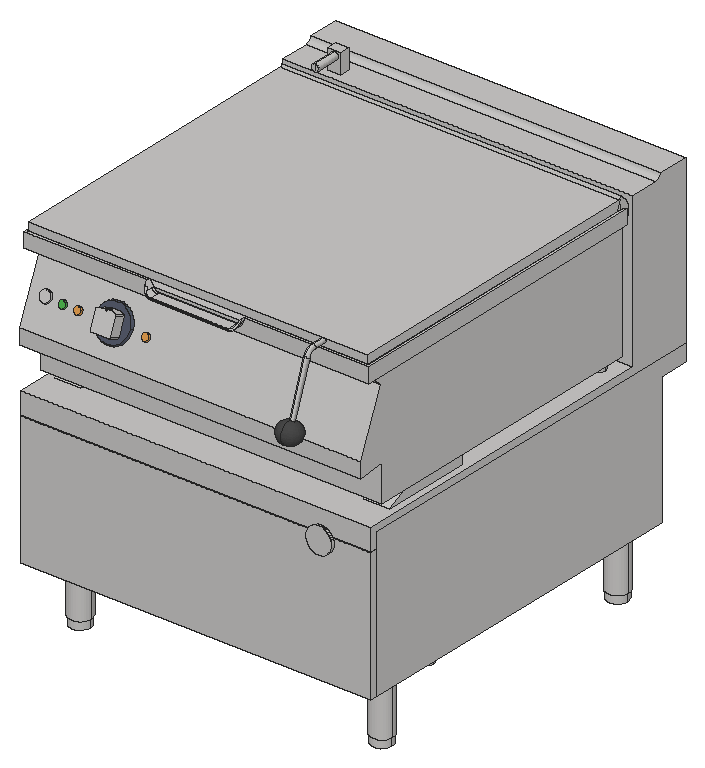
Revit family "QF_ZANUSSI_392424_Z9PPBSBAMED", category Specialty Equipment, Revit 2018
Family settings
  Round Connector Dimension = Use Diameter
  Part Type = Normal
  Work Plane-Based = No
  Always vertical = Yes
  Cut with Voids When Loaded = No
  Shared = No
  Room Calculation Point = No
Parameters (values of type "Standard")
  Weight = 150.00 kg
  Watts = 0 W
  Volts = 230 V
  URL Manufacturer = "http://www.zanussiprofessional.com"
  URL = "http://www.zanussiprofessional.com"
  Steam Supply Size = 0"
  Steam Supply Minimum Pressure = 0.00 psi
  Steam Supply Maximum Pressure = 0.00 psi
  Steam Pounds per Hour = 0
  Show Logo [instance] = yes
  Show Clearance [instance] = yes
  Refrigeration Suction Line Size = 0"
  Refrigeration Liquid Line Size = 0"
  Refrigerant Compressor Remote = yes
  Phase = 1
  Model = "Z9PPBSBAMED"
  Manufacturer = "Zanussi"
  Length Actual = 800 mm  # constant formula
  Item Number = "392424"
  Hot Water Size = 0"
  Height Actual = 850 mm  # constant formula
  HP = "0.3 HP"
  Gas Size = 1/2"
  Gas KW = 21
  Gas Input Pressure = 0.703736 Btu/h
  Direct Waste Size = 0"
  Description = "80LT GAS BRATT PAN DUOMAT BOTTOM AUT (AUS)"
  Depth Actual = 900 mm  # constant formula
  Cycle = 60 Hz
  Condensate Return Size = 0"
  Compressed Air Volume = 0 GPM
  Compressed Air Size = 0"
  Compressed Air Pressure = 0.00 psi
  Cold Water Size = 3/4"
  Assembly Code = ""
  Accessory = yes
Reference planes
  plane 1 "BACK": y = 0
  plane 2: z = 0
  plane 3 "LEFT": x = 0
  plane 4 "RIGHT": x = 800
  plane 5 "FRONT": y = -915
  plane 6 "TOP": z = 898
  plane 7 "Center Y": x = 400
  plane 8 "Center X": y = -457.5
  plane 9 "Base": z = 149
  plane 10: z = 502.193
  plane 11: z = 1653
  plane 12: y = -125
  plane 13: y = -799
  plane 14: x = 55
  plane 15: y = -160.853
  plane 16: x = 745
  plane 17: y = -1014
  plane 18: y = -899.182
  plane 19: x = 786
  plane 20: z = 850
  plane 21 "Connection": z = 182
  plane 22: y = -706
  plane 23: x = 265
  plane 24: x = 105
  plane 25: x = 195
Forms (mm)
  Revolve 1, solid, material "QF_Finishes_Stainless Steel"
    sketch origin (0, -125, 0) x (1, 0, 0) y (0, 0, 1)
      loop
        line (55, 0) -> (55, 149) -> (29.6, 149) -> (29.6, 19.05) -> (32.1, 19.05) -> (32.1, 0) -> (55, 0)
      axis (55, 0) -> (55, 149)
    angle from 0 to 360
  Revolve 2, solid, material "QF_Finishes_Stainless Steel"
    sketch origin (0, -799, 0) x (1, 0, 0) y (0, 0, 1)
      loop
        line (55, 0) -> (55, 149) -> (29.6, 149) -> (29.6, 19.05) -> (32.1, 19.05) -> (32.1, 0) -> (55, 0)
      axis (55, 0) -> (55, 149)
    angle from 0 to 360
  Extrusion 3, solid, material "QF_Finishes_Stainless Steel"
    sketch origin (0, -214.682, 0) x (0, 1, 0) y (0, 0, 1)
      loop
        line (214.682, 487.193) -> (214.682, 866.248) -> (143.055, 866.248)
        arc (143.055, 866.248) -> (139.432, 857.502) -> (130.686, 853.88) r 12.368
        line (130.686, 853.88) -> (64.682, 853.88) -> (64.682, 502.193) -> (-684.5, 502.193) -> (-684.5, 452.193) -> (-669.5, 452.193) -> (-669.5, 487.193) -> (214.682, 487.193)
      loop
        line (-669.5, 149) -> (-669.5, 451.193) -> (-684.5, 451.193) -> (-684.5, 149) -> (-669.5, 149)
    from 0 to 800
  Extrusion 4, solid, material "QF_Finishes_Stainless Steel"
    sketch origin (0, -214.682, 0) x (0, 1, 0) y (0, 0, 1)
      loop
        line (44.029, 528.406) -> (44.029, 817.127) -> (-678.5, 817.127) -> (-678.5, 809.681) -> (-643.264, 774.446) -> (-700.318, 641.094) -> (-700.318, 606.094) -> (-640.765, 613.406) -> (-640.765, 528.406) -> (44.029, 528.406)
    from 10 to 790
  Sweep 5, solid, material "QF_Finishes_Stainless Steel"
    path origin (0, -204.882, 145) x (-1, 0, 0) y (0, -1, 0)
      loop
        line (-290, 694.3) -> (-5, 694.3) -> (-5, -44.029) -> (-795, -44.029) -> (-795, 694.3) -> (-510, 694.3)
    profile origin (652.5, -899.182, 145) x (0, -1, 0) y (0, 0, 1)
      loop
        line (-5, 651.359) -> (0, 651.359) -> (0, 685.301) -> (-6, 685.301) -> (-6, 681.062) -> (-5, 681.062) -> (-5, 651.359)
  Extrusion 6, solid, material "QF_Finishes_Stainless Steel"
    sketch origin (0, -214.682, -5) x (0, 1, 0) y (0, 0, 1)
      loop
        line (33.715, 835.301) -> (42.572, 855) -> (-677.138, 855) -> (-677.138, 835.301) -> (33.715, 835.301)
      loop
        arc (64.305, 837.022) -> (57.071, 850.749) -> (45.92, 861.539) r 49.182
        line (45.92, 861.539) -> (39.069, 846.301) -> (45.904, 846.301) -> (45.904, 832.604) -> (64.305, 814.204) -> (64.305, 837.022)
    from 12.363 to 787.637
  Extrusion 7, solid, material "QF_Finishes_Stainless Steel"
    sketch origin (0, -214.682, 0) x (0, 1, 0) y (0, 0, 1)
      loop
        line (-403.818, 528.406) -> (-556.057, 528.406) -> (-609.801, 502.193) -> (-403.818, 502.193) -> (-403.818, 528.406)
    from 16.63 to 76.513
  Extrusion 8, solid, material "QF_Finishes_Stainless Steel"
    sketch origin (0, -207.182, 150) x (-1, 0, 0) y (0, -1, 0)
      loop
        circle (-46.571, -17.496) r 15
      loop
        circle (-753.429, -17.496) r 15
    from 352.193 to 383.406
  Extrusion 9, solid, material "QF_Finishes_Stainless Steel"
    sketch origin (0, -64.682, 0) x (0, 1, 0) y (0, 0, 1)
      loop
        line (-43.387, 853.88) -> (-43.387, 898) -> (-67.444, 898) -> (-67.444, 853.88) -> (-43.387, 853.88)
    from 87.469 to 116.843
  Revolve 10, solid, material "QF_Finishes_Stainless Steel"
    sketch origin (103.25, -64.682, 0) x (0, 1, 0) y (0, 0, 1)
      loop
        line (-67.444, 888.097) -> (-67.444, 896.222) -> (-123.629, 896.222) -> (-123.629, 888.097) -> (-67.444, 888.097)
      axis (-123.629, 888.097) -> (-67.444, 888.097)
    angle from 0 to 360
  Extrusion 11, solid, material "QF_Clearances", visible <- "Show Clearance", detail levels coarse
    sketch origin (0, -214.682, 0) x (1, 0, 0) y (0, 1, 0)
      loop
        line (800, 214.682) -> (800, -700.318) -> (850, -700.318) -> (850, 264.682) -> (-50, 264.682) -> (-50, -700.318) -> (0, -700.318) -> (0, 214.682) -> (800, 214.682)
    from 0 to 898
  Extrusion 12, solid, material "QF_Finishes_Stainless Steel"
    sketch origin (800, 0, 0) x (0, 1, 0) y (0, 0, 1)
      loop
        line (-884.182, 149) -> (-69, 149) -> (-69, 448) -> (0, 448) -> (0, 487.193) -> (-884.182, 487.193) -> (-884.182, 149)
    from 0 to -800
  Revolve 13, solid, material "QF_Finishes_Stainless Steel"
    sketch origin (1000, -125, 0) x (-1, 0, 0) y (0, 0, -1)
      loop
        line (255, 0) -> (232.1, 0) -> (232.1, -19.05) -> (229.6, -19.05) -> (229.6, -149) -> (255, -149) -> (255, 0)
      axis (255, 0) -> (255, -149)
    angle from 0 to 360
  Revolve 14, solid, material "QF_Finishes_Stainless Steel"
    sketch origin (1000, -799, 0) x (-1, 0, 0) y (0, 0, -1)
      loop
        line (255, 0) -> (232.1, 0) -> (232.1, -19.05) -> (229.6, -19.05) -> (229.6, -149) -> (255, -149) -> (255, 0)
      axis (255, 0) -> (255, -149)
    angle from 0 to 360
  Sweep 15, solid, material "QF_Finishes_Stainless Steel"
    path origin (8.84, -214.682, -10) x (0, 1, 0) y (0, 0, 1)
      loop
        line (-677.138, 852.831) -> (-705.492, 852.831)
        arc (-705.492, 852.831) -> (-716.963, 849.214) -> (-724.286, 839.672) r 20
        line (-724.286, 839.672) -> (-765.322, 726.924)
    profile origin (8.84, -905.997, 842.831) x (0, 0, -1) y (1, 0, 0)
      loop
        circle (0, 676.16) r 5
  Revolve 16, solid, material "QF_Finishes_Black"
    sketch origin (685, -194.682, 0) x (0, 1, 0) y (0, 0, 1)
      loop
        line (-785.322, 716.924) -> (-792.738, 719.623)
        arc (-792.738, 719.623) -> (-818.978, 701.075) -> (-800.713, 674.638) r 22.845
        line (-800.713, 674.638) -> (-785.322, 716.924)
      axis (-785.322, 716.924) -> (-800.713, 674.638)
    angle from 0 to 360
  Extrusion 17, solid, material "QF_Finishes_Stainless Steel"
    sketch origin (800, -69, 149) x (-1, 0, 0) y (0, 1, 0)
      loop
        circle (14, -649.182) r 12.7
    from 0 to 5
  Extrusion 18, solid, material "QF_Finishes_Stainless Steel"
    sketch origin (-3.75, -899.182, 149) x (0, 0, 1) y (-1, 0, 0)
      loop
        circle (289.443, -688.75) r 30
    from 0 to 5
  Extrusion 19, solid, material "QF_Finishes_Stainless Steel"
    sketch origin (800, -214.682, 0) x (0, 1, 0) y (0, 0, -1)
      loop
        line (-403.818, -528.406) -> (-403.818, -502.193) -> (-609.801, -502.193) -> (-556.057, -528.406) -> (-403.818, -528.406)
    from 16.63 to 76.513
  Extrusion 20, solid, material "QF_Finishes_Stainless Steel"
    sketch origin (0, 0, 182) x (-1, 0, 0) y (0, -1, 0)
      loop
        circle (-105, 706) r 6.35
    from 0 to 45
  Extrusion 21, solid, material "QF_Finishes_Stainless Steel"
    sketch origin (21.213, 21.213, 182) x (-1, 0, 0) y (0, -1, 0)
      loop
        circle (-173.787, 719.213) r 6.35
    from 0 to 45
  Extrusion 22, solid, material "QF_Finishes_Stainless Steel"
    sketch origin (130, 0, 182) x (-1, 0, 0) y (0, -1, 0)
      loop
        circle (-135, 706) r 6.35
    from 0 to 45
  Extrusion 23, solid, material "QF_Finishes_Stainless Steel"
    sketch origin (0, -201.682, -15.905) x (1, 0, 0) y (0, 0, 1)
      loop
        line (509.996, 839.805) -> (509.996, 846.205) -> (502.677, 833.527)
        arc (502.677, 833.527) -> (496.674, 827.524) -> (488.474, 825.327) r 16.4
        line (488.474, 825.327) -> (311.526, 825.327)
        arc (311.526, 825.327) -> (303.32, 827.526) -> (297.312, 833.534) r 16.413
        line (297.312, 833.534) -> (289.996, 846.205) -> (289.996, 839.805) -> (294.541, 831.934)
        arc (294.541, 831.934) -> (301.72, 824.755) -> (311.526, 822.127) r 19.613
        line (311.526, 822.127) -> (488.474, 822.127)
        arc (488.474, 822.127) -> (498.274, 824.753) -> (505.448, 831.927) r 19.6
        line (505.448, 831.927) -> (509.996, 839.805)
    from 697.5 to 717.595
  Extrusion 24, void
    sketch origin (900, 188.397, 1219.2) x (0, -1, 0) y (0, 0, 1)
      loop
        line (1110.167, -415.736) -> (1110.167, -387.945) -> (1093.05, -387.945) -> (1110.167, -415.736)
    from 390 to 610
  Extrusion 25, solid, material "QF_Finishes_Orange"
    sketch origin (9.372, -901.482, 672.689) x (0, 0.393353, 0.919387) y (-1, 0, 0)
      loop
        circle (34.513, -113.251) r 8
    from 0 to 3.175
  Extrusion 26, solid, material "QF_Finishes_Green"
    sketch origin (14.068, -901.51, 672.624) x (0, 0.393353, 0.919387) y (-1, 0, 0)
      loop
        circle (34.513, -73.251) r 8
    from 0 to 3.175
  Extrusion 27, solid, material "QF_Finishes_Stainless Steel"
    sketch origin (10.937, -915, 641.094) x (0, 0.393353, 0.919387) y (-1, 0, 0)
      loop
        circle (71.473, -36.635) r 12.7
    from 0 to 3.2
  Extrusion 28, solid, material "QF_Finishes_Orange"
    sketch origin (164.372, -901.482, 672.689) x (0, 0.393353, 0.919387) y (-1, 0, 0)
      loop
        circle (34.513, -113.251) r 8
    from 0 to 3.175
  Extrusion 29, solid, material "QF_Clearances", visible <- "Show Clearance", detail levels coarse
    sketch origin (0, -996.643, 709.193) x (0, 0.238373, -0.971174) y (0, 0.971174, 0.238373)
      loop
        line (33.715, 835.301) -> (42.572, 855) -> (-677.138, 855) -> (-677.138, 835.301) -> (33.715, 835.301)
      loop
        arc (64.305, 837.022) -> (57.071, 850.749) -> (45.92, 861.539) r 49.182
        line (45.92, 861.539) -> (39.069, 846.301) -> (45.904, 846.301) -> (45.904, 832.604) -> (64.305, 814.204) -> (64.305, 837.022)
    from 12.363 to 787.637
  Sweep 30, solid, material "QF_Clearances", visible <- "Show Clearance", detail levels coarse
    path origin (8.84, -1001.499, 708.002) x (0, 0.238373, -0.971174) y (0, 0.971174, 0.238373)
      loop
        line (-677.138, 852.831) -> (-705.492, 852.831)
        arc (-705.492, 852.831) -> (-716.963, 849.214) -> (-724.286, 839.672) r 20
        line (-724.286, 839.672) -> (-765.322, 726.924)
    profile origin (8.84, -338.043, 1582.68) x (0, -0.971174, -0.238373) y (1, 0, 0)
      loop
        circle (0, 676.16) r 5
  Revolve 31, solid, material "QF_Clearances", visible <- "Show Clearance", detail levels coarse
    sketch origin (685, -987.02, 690.962) x (0, 0.238373, -0.971174) y (0, 0.971174, 0.238373)
      loop
        line (-785.322, 716.924) -> (-792.738, 719.623)
        arc (-792.738, 719.623) -> (-818.978, 701.075) -> (-800.713, 674.638) r 22.845
        line (-800.713, 674.638) -> (-785.322, 716.924)
      axis (-785.322, 716.924) -> (-800.713, 674.638)
    angle from 0 to 360
  Extrusion 32, solid, material "QF_Finishes_Stainless Steel"
    sketch origin (290, -899.182, 830.301) x (-1, 0, 0) y (0, 0, -1)
      loop
        line (0.004, 33.941) -> (-220, 33.941) -> (-220, -0.006) -> (-212.677, 12.678)
        arc (-212.677, 12.678) -> (-206.674, 18.681) -> (-198.474, 20.878) r 16.4
        line (-198.474, 20.878) -> (-21.526, 20.878)
        arc (-21.526, 20.878) -> (-13.32, 18.679) -> (-7.312, 12.672) r 16.413
        line (-7.312, 12.672) -> (0.004, 0) -> (0.004, 33.941)
    from 0 to -6
  Extrusion 33, solid, material "QF_Plastic-Black-Matte"
    sketch origin (145.417, -886.886, 706.805) x (0, 0.393353, 0.919387) y (0, 0.919387, -0.393353)
      loop
        line (26.984, -34) -> (23.984, -34) -> (23.984, -35) -> (26.984, -35)
        arc (26.984, -35) -> (27.691, -34.707) -> (27.984, -34) r 1
        line (27.984, -34) -> (27.984, -19) -> (26.984, -19) -> (26.984, -34)
    from -58.5 to -56.5
  Extrusion 34, solid, material "QF_Finishes_Stainless Steel"
    sketch origin (202.917, -886.886, 706.805) x (-1, 0, 0) y (0, -0.393353, -0.919387)
      loop
        line (17.5, -17.5) -> (17.5, 17.5) -> (-17.5, 17.5) -> (-17.5, -17.5) -> (17.5, -17.5)
    from 5 to 10
  Extrusion 35, solid, material "QF_Finishes_Stainless Steel"
    sketch origin (202.917, -886.886, 706.805) x (-1, 0, 0) y (0, -0.393353, -0.919387)
      loop
        arc (-21.147, -22.789) -> (0, -26.984) -> (21.147, -22.789) r 55.4
        arc (21.147, -22.789) -> (22.494, -21.685) -> (23, -20.019) r 2.997
        line (23, -20.019) -> (23, 20.019)
        arc (23, 20.019) -> (22.122, 22.138) -> (20.003, 23.016) r 2.997
        line (20.003, 23.016) -> (-20.003, 23.016)
        arc (-20.003, 23.016) -> (-22.122, 22.138) -> (-23, 20.019) r 2.997
        line (-23, 20.019) -> (-23, -20.019)
        arc (-23, -20.019) -> (-22.494, -21.685) -> (-21.147, -22.789) r 2.997
    from 10 to 34
  Blend 36, solid, material "QF_Finishes_Navy Blue"
    base sketch origin (202.917, -886.886, 706.805) x (1, 0, 0) y (0, 0.393353, 0.919387)
      loop
        circle (0, 0) r 42.5
    top sketch origin (202.917, -886.886, 706.805) x (1, 0, 0) y (0, 0.393353, 0.919387)
      loop
        circle (0, 0) r 40.5
    from 0 to 5
Cuts and joins
  Extrusion 24 cuts Extrusion 23
  joined: Sweep 5, Extrusion 23, Extrusion 32
Lines and regions (mm)
  Split face 1
    outline origin (202.917, -891.483, 708.772) x (1, 0, 0) y (0, 0.393353, 0.919387)
      loop
        arc (-0.521, 36.501) -> (-26.491, 26.394) -> (-37.708, 0.884) r 36.411
        line (-37.708, 0.884) -> (-31.708, 0.884)
        arc (-31.708, 0.884) -> (-21.998, 23.844) -> (-0.521, 36.501) r 39.733
  Split face 2
    outline origin (202.917, -891.483, 708.772) x (1, 0, 0) y (0, 0.393353, 0.919387)
      loop
        circle (-30.633, -14.752) r 1.5
  Split face 3
    outline origin (202.917, -891.483, 708.772) x (1, 0, 0) y (0, 0.393353, 0.919387)
      loop
        circle (-21.199, -26.582) r 1.5
  Split face 4
    outline origin (202.917, -891.483, 708.772) x (1, 0, 0) y (0, 0.393353, 0.919387)
      loop
        circle (-7.566, -33.148) r 1.5
  Split face 5
    outline origin (202.917, -891.483, 708.772) x (1, 0, 0) y (0, 0.393353, 0.919387)
      loop
        circle (7.566, -33.148) r 1.5
  Split face 6
    outline origin (202.917, -891.483, 708.772) x (1, 0, 0) y (0, 0.393353, 0.919387)
      loop
        circle (21.199, -26.582) r 1.5
  Split face 7
    outline origin (202.917, -891.483, 708.772) x (1, 0, 0) y (0, 0.393353, 0.919387)
      loop
        circle (30.633, -14.752) r 1.5
  Split face 8
    outline origin (202.917, -891.483, 708.772) x (1, 0, 0) y (0, 0.393353, 0.919387)
      loop
        circle (34, 0) r 1.5
  Split face 9
    outline origin (202.917, -891.483, 708.772) x (1, 0, 0) y (0, -0.393353, -0.919387)
      loop
        circle (30.633, -14.752) r 1.5
  Split face 10
    outline origin (202.917, -891.483, 708.772) x (1, 0, 0) y (0, -0.393353, -0.919387)
      loop
        circle (21.199, -26.582) r 1.5
  symbolic lines
    curve 1: line (10, -915, 149) -> (180, -915, 149)
    curve 2: line (0, -899.182, 149) -> (280.622, -899.182, 149)
    curve 3: line (5, -160.853, 149) -> (5, -899.182, 149)
    curve 4: line (0, 0, 149) -> (0, -899.182, 149)
    curve 5: line (800, -899.182, 149) -> (800, 0, 149)
    curve 6: line (5, -160.853, 149) -> (95.125, -160.853, 149)
    curve 7: line (789, -171.653, 149) -> (111.375, -171.653, 149)
    curve 8: line (0, -71.628, 149) -> (800, -71.628, 149)
    curve 9: line (111.375, -160.853, 149) -> (795, -160.853, 149)
    curve 10: line (95.125, -172.111, 149) -> (12.363, -172.111, 149)
    curve 11: line (90.942, -172.111, 149) -> (90.942, -192.672, 149)
    curve 12: line (117.192, -171.653, 149) -> (117.192, -192.672, 149)
    curve 13: arc (90.942, -192.672, 149) -> (104.067, -205.797, 149) -> (117.192, -192.672, 149) r 13.125
    curve 14: line (504.543, -915, 149) -> (680, -915, 149)
    curve 15: line (12.363, -891.82, 149) -> (787.637, -891.82, 149)
    curve 16: line (0, 0, 149) -> (800, 0, 149)
    curve 20: line (680, -980.005, 149) -> (680, -891.82, 149)
    curve 21: line (690, -980.005, 149) -> (690, -891.82, 149)
    curve 22: spline (685, -987.42, 149) -> (686.603, -987.265, 149) -> (688.14, -986.808, 149) -> (689.545, -986.066, 149) -> (690.761, -985.072, 149) -> (691.737, -983.866, 149) -> (692.431, -982.499, 149) -> (692.815, -981.028, 149) -> (692.874, -979.515, 149) -> (692.604, -978.022, 149) -> (692.016, -976.611, 149) -> (691.136, -975.342, 149) -> (690, -974.268, 149)
    curve 23: spline (690, -980.005, 149) -> (689.957, -980.618, 149) -> (689.83, -981.221, 149) -> (689.619, -981.803, 149) -> (689.33, -982.354, 149) -> (688.967, -982.865, 149) -> (688.536, -983.327, 149) -> (688.044, -983.732, 149) -> (687.5, -984.074, 149) -> (686.913, -984.345, 149) -> (686.294, -984.543, 149) -> (685.653, -984.663, 149) -> (685, -984.703, 149)
    curve 24: spline (685, -984.703, 149) -> (684.347, -984.663, 149) -> (683.706, -984.543, 149) -> (683.087, -984.345, 149) -> (682.5, -984.074, 149) -> (681.956, -983.732, 149) -> (681.464, -983.327, 149) -> (681.033, -982.865, 149) -> (680.67, -982.354, 149) -> (680.381, -981.803, 149) -> (680.17, -981.221, 149) -> (680.043, -980.618, 149) -> (680, -980.005, 149)
    curve 25: spline (680, -974.268, 149) -> (678.864, -975.342, 149) -> (677.984, -976.611, 149) -> (677.396, -978.022, 149) -> (677.126, -979.515, 149) -> (677.185, -981.028, 149) -> (677.569, -982.499, 149) -> (678.263, -983.866, 149) -> (679.239, -985.072, 149) -> (680.455, -986.066, 149) -> (681.86, -986.808, 149) -> (683.397, -987.265, 149) -> (685, -987.42, 149)
    curve 26: line (95.125, -188.311, 149) -> (111.375, -188.311, 149)
    curve 27: line (95.125, -132.127, 149) -> (95.125, -188.311, 149)
    curve 28: line (111.375, -188.311, 149) -> (111.375, -132.127, 149)
    curve 29: line (87.469, -132.127, 149) -> (116.843, -132.127, 149)
    curve 30: line (87.469, -108.069, 149) -> (87.469, -132.127, 149)
    curve 31: line (116.843, -108.069, 149) -> (87.469, -108.069, 149)
    curve 32: line (116.843, -132.127, 149) -> (116.843, -108.069, 149)
    curve 33: arc (680, -961.314, 149) -> (685, -1014, 149) -> (690, -961.314, 149) r 26.58
    curve 34: line (0, -150, 182) -> (95.125, -150, 182)
    curve 35: line (800, -150, 182) -> (111.375, -150, 182)
    curve 36: line (12.363, -891.82, 149) -> (12.363, -172.111, 149)
    curve 37: line (787.637, -891.82, 149) -> (787.637, -171.653, 149)
    curve 38: line (790, -915, 182) -> (790, -899.182, 182)
    curve 39: line (10, -899.182, 182) -> (10, -915, 182)
    curve 40: line (795, -160.853, 149) -> (795, -899.182, 149)
    curve 41: line (225.917, -915, 149) -> (295.414, -915, 149)
    curve 42: line (519.371, -899.182, 182) -> (505.448, -914.035, 182)
    curve 43: spline (505.442, -914.033, 182) -> (504.902, -914.595, 182) -> (504.301, -915.14, 182) -> (503.641, -915.666, 182) -> (502.924, -916.17, 182) -> (502.153, -916.653, 182) -> (501.331, -917.111, 182) -> (500.459, -917.544, 182) -> (499.542, -917.95, 182) -> (498.582, -918.327, 182) -> (497.581, -918.675, 182) -> (496.544, -918.992, 182) -> (495.475, -919.277, 182)
    curve 44: line (304.523, -919.277, 182) -> (495.475, -919.277, 182)
    curve 45: line (294.541, -914.031, 182) -> (280.622, -899.182, 182)
    curve 46: spline (304.523, -919.277, 182) -> (303.452, -918.992, 182) -> (302.414, -918.675, 182) -> (301.413, -918.327, 182) -> (300.452, -917.949, 182) -> (299.534, -917.543, 182) -> (298.662, -917.11, 182) -> (297.838, -916.651, 182) -> (297.067, -916.168, 182) -> (296.35, -915.663, 182) -> (295.689, -915.137, 182) -> (295.087, -914.592, 182) -> (294.547, -914.029, 182)
    curve 47: line (519.371, -899.182, 149) -> (680, -899.182, 149)
    curve 48: line (690, -899.182, 149) -> (800, -899.182, 149)
    curve 49: line (690, -915, 149) -> (790, -915, 149)
    curve 50: line (179.917, -899.608, 0) -> (179.917, -925.865, 0)
    curve 51: arc (179.917, -925.865, 0) -> (180.063, -926.329, 0) -> (180.449, -926.625, 0) r 0.809
    curve 52: arc (180.449, -926.625, 0) -> (181.637, -927.106, 0) -> (182.915, -927.199, 0) r 4.127
    curve 53: arc (179.917, -910.498, 0) -> (180.419, -909.777, 0) -> (181.217, -909.408, 0) r 1.682
    curve 54: arc (181.217, -909.408, 0) -> (191.519, -907.91, 0) -> (201.917, -907.4, 0) r 109.079
    curve 55: line (201.917, -899.595, 0) -> (201.917, -909.63, 0)
    curve 56: line (201.917, -909.63, 0) -> (203.917, -909.63, 0)
    curve 57: line (203.917, -909.63, 0) -> (203.917, -899.63, 0)
    curve 58: line (225.917, -899.595, 0) -> (225.917, -925.865, 0)
    curve 59: arc (225.917, -925.865, 0) -> (225.771, -926.329, 0) -> (225.385, -926.625, 0) r 0.809
    curve 60: arc (225.385, -926.625, 0) -> (224.197, -927.106, 0) -> (222.92, -927.199, 0) r 4.127
    curve 61: arc (225.917, -910.498, 0) -> (225.415, -909.777, 0) -> (224.618, -909.408, 0) r 1.682
    curve 62: arc (224.618, -909.408, 0) -> (214.315, -907.91, 0) -> (203.917, -907.4, 0) r 109.079
    curve 63: line (182.915, -927.199, 0) -> (222.92, -927.199, 0)
    curve 64: spline (225.917, -904.595, 0) -> (227.104, -904.261, 0) -> (228.259, -903.91, 0) -> (229.381, -903.542, 0) -> (230.469, -903.159, 0) -> (231.521, -902.761, 0) -> (232.535, -902.348, 0) -> (233.512, -901.921, 0) -> (234.448, -901.481, 0) -> (235.344, -901.027, 0) -> (236.197, -900.561, 0) -> (237.007, -900.084, 0) -> (237.773, -899.595, 0)
    curve 65: spline (168.061, -899.595, 0) -> (168.827, -900.084, 0) -> (169.637, -900.561, 0) -> (170.491, -901.027, 0) -> (171.386, -901.481, 0) -> (172.323, -901.921, 0) -> (173.299, -902.348, 0) -> (174.314, -902.761, 0) -> (175.366, -903.159, 0) -> (176.453, -903.542, 0) -> (177.576, -903.91, 0) -> (178.731, -904.261, 0) -> (179.917, -904.595, 0)
  symbolic lines, style "QF_Clearances", visible <- "Show Clearance", detail levels coarse
    curve 17: line (-50, 50, 150) -> (-50, -918.182, 150)
    curve 18: line (850, 50, 150) -> (850, -915, 150)
    curve 19: line (850, 50, 150) -> (-50, 50, 150)
Dimensions and locks
  equal spacing: plane 3 "LEFT", plane 7 "Center Y", plane 4 "RIGHT"
  plane 3 "LEFT" to plane 4 "RIGHT" = 800 mm
  equal spacing: plane 5 "FRONT", plane 8 "Center X", plane 1 "BACK"
  plane 5 "FRONT" to plane 1 "BACK" = 915 mm  (x2)
  plane 9 "Base" to level = 149 mm
  plane 11 to level = 1653 mm
  plane 11 to plane 2 = 1653 mm
  plane 9 "Base" to plane 2 = 149 mm
  plane 13 to plane 12 = 674 mm
  plane 6 "TOP" to plane 2 = 898 mm
  plane 4 "RIGHT" to plane 16 to plane 14 to plane 3 "LEFT" = 55 mm, 690 mm, 55 mm
  plane 1 "BACK" to plane 17 = 1014 mm
  Extrusion 12 to plane 1 "BACK" = 69 mm
  Extrusion 6 to plane 9 "Base" = 701 mm
  plane 2 to Extrusion 12 = 448 mm
  Extrusion 3 to plane 13 = 100.182 mm
  plane 12 to Extrusion 12 = 56 mm
  plane 4 "RIGHT" to plane 19 = 14 mm
  plane 20 to plane 9 "Base" to level = 701 mm, 149 mm
  plane 1 "BACK" to Extrusion 12 = 69 mm
  Extrusion 12 to plane 12 = 56 mm
  plane 12 to plane 13 = 674 mm
  plane 13 to Extrusion 3 = 100.182 mm
  Extrusion 12 to level = 448 mm
  plane 6 "TOP" to level = 898 mm
  plane 21 "Connection" to level = 182 mm
  plane 1 "BACK" to plane 22 = 706 mm
  plane 3 "LEFT" to Extrusion 20 sketch curve = 105 mm
  Extrusion 21 sketch curve to plane 1 "BACK" = 698 mm
  plane 3 "LEFT" to Extrusion 21 sketch curve = 195 mm
  Extrusion 21 to plane 1 "BACK" = 698 mm
  plane 3 "LEFT" to Extrusion 22 sketch curve = 265 mm
  plane 3 "LEFT" to plane 24 = 105 mm
  plane 3 "LEFT" to plane 25 = 195 mm
  plane 3 "LEFT" to plane 23 = 265 mm
  Extrusion 3 to Extrusion 17 = 181 mm
  Extrusion 17 to Extrusion 3 = 181 mm
  plane 20 to level = 850 mm
  aligned and locked: level to plane 2
  aligned and locked: Extrusion 12 to plane 3 "LEFT"
Automatic sketch dimensions
  Revolve 1 sketch curve to plane 9 "Base" = 0 mm  (x2)
  Revolve 1 sketch curve to level = 0 mm
  Revolve 1 sketch curve to plane 14 = 0 mm  (x2)
  Revolve 1 sketch curve to Revolve 1 sketch curve = 22.9 mm
  Revolve 1 sketch curve to Revolve 1 sketch curve = 2.5 mm
  level to Revolve 1 sketch curve = 19.05 mm
  Revolve 1 sketch curve to plane 21 "Connection" = 13 mm
  Revolve 2 sketch curve to plane 9 "Base" = 0 mm  (x2)
  Revolve 2 sketch curve to level = 0 mm
  Revolve 2 sketch curve to plane 14 = 0 mm  (x2)
  Revolve 2 sketch curve to Revolve 2 sketch curve = 22.9 mm
  Revolve 2 sketch curve to Revolve 2 sketch curve = 2.5 mm
  level to Revolve 2 sketch curve = 19.05 mm
  Revolve 2 sketch curve to plane 21 "Connection" = 13 mm
  Extrusion 7 sketch curve to plane 10 = 0 mm
  Extrusion 7 sketch curve to plane 13 = 25.484 mm
  plane 13 to Extrusion 7 sketch curve = 28.261 mm
  plane 22 to Extrusion 7 sketch curve = 87.5 mm
  plane 10 to Extrusion 7 sketch curve = 26.213 mm
  Extrusion 8 sketch curve to plane 16 = 8.429 mm
  Extrusion 8 sketch curve to plane 14 = 8.429 mm
  Extrusion 8 sketch curve to plane 12 = 64.686 mm  (x2)
  Extrusion 9 sketch curve to plane 6 "TOP" = 0 mm
  Extrusion 9 sketch curve to plane 12 = 7.127 mm
  plane 12 to Extrusion 9 sketch curve = 16.931 mm
  plane 20 to Extrusion 9 sketch curve = 3.88 mm
  Revolve 10 sketch curve to plane 6 "TOP" = 9.903 mm
  Revolve 10 sketch curve to plane 12 = 63.311 mm
  Revolve 10 sketch curve to plane 12 = 7.127 mm
  Revolve 10 sketch curve to Revolve 10 sketch curve = 0 mm  (x2)
  plane 12 to Revolve 10 sketch curve = 1.394 mm
  Revolve 10 sketch curve to plane 6 "TOP" = 1.778 mm
  Revolve 13 sketch curve to plane 9 "Base" = 0 mm  (x2)
  Revolve 13 sketch curve to level = 0 mm
  plane 16 to Revolve 13 sketch curve = 0 mm  (x2)
  Revolve 13 sketch curve to plane 19 = 18.1 mm
  Revolve 13 sketch curve to Revolve 13 sketch curve = 2.5 mm
  Revolve 13 sketch curve to plane 21 "Connection" = 13 mm
  level to Revolve 13 sketch curve = 19.05 mm
  Revolve 14 sketch curve to plane 9 "Base" = 0 mm  (x2)
  Revolve 14 sketch curve to level = 0 mm
  plane 16 to Revolve 14 sketch curve = 0 mm  (x2)
  Revolve 14 sketch curve to plane 19 = 18.1 mm
  Revolve 14 sketch curve to Revolve 14 sketch curve = 2.5 mm
  Revolve 14 sketch curve to plane 21 "Connection" = 13 mm
  level to Revolve 14 sketch curve = 19.05 mm
  plane 17 to Revolve 16 sketch curve = 18.604 mm
  Revolve 16 sketch curve to Revolve 16 sketch curve = 0 mm  (x4)
  plane 17 to Revolve 16 sketch curve = 22.834 mm
  Revolve 16 sketch curve to Revolve 16 sketch curve = 3.746 mm
  Revolve 16 sketch curve to Revolve 16 sketch curve = 7.415 mm
  plane 10 to Revolve 16 sketch curve = 172.444 mm
  Revolve 16 sketch curve to Revolve 16 sketch curve = 22.45 mm
  plane 10 to Extrusion 19 sketch curve = 0 mm
  Extrusion 19 sketch curve to plane 13 = 25.484 mm
  plane 13 to Extrusion 19 sketch curve = 28.261 mm
  plane 22 to Extrusion 19 sketch curve = 87.5 mm
  plane 10 to Extrusion 19 sketch curve = 26.213 mm
  Extrusion 23 sketch curve to Extrusion 23 sketch curve = 0 mm  (x4)
  Extrusion 23 sketch curve to plane 23 = 24.996 mm
  Extrusion 23 sketch curve to Extrusion 23 sketch curve = 4.545 mm
  Extrusion 23 sketch curve to Extrusion 23 sketch curve = 2.771 mm  (x2)
  Extrusion 23 sketch curve to Extrusion 23 sketch curve = 14.214 mm
  Extrusion 23 sketch curve to plane 20 = 40.578 mm
  plane 7 "Center Y" to Extrusion 23 sketch curve = 88.474 mm
  Extrusion 23 sketch curve to plane 20 = 32.378 mm
  Extrusion 23 sketch curve to Extrusion 23 sketch curve = 14.203 mm
  Extrusion 23 sketch curve to plane 20 = 33.978 mm
  Extrusion 23 sketch curve to plane 20 = 19.699 mm
  Extrusion 23 sketch curve to Extrusion 23 sketch curve = 7.32 mm
  Extrusion 23 sketch curve to Extrusion 23 sketch curve = 6.606 mm
  Extrusion 23 sketch curve to Extrusion 23 sketch curve = 6.4 mm  (x2)
  Extrusion 23 sketch curve to Extrusion 23 sketch curve = 7.872 mm
  Extrusion 25 sketch curve to plane 24 = 17.623 mm
  plane 24 to Extrusion 26 sketch curve = 17.681 mm
  Extrusion 27 sketch curve to plane 14 = 7.427 mm
  Extrusion 28 sketch curve to plane 23 = 12.623 mm
  Extrusion 29 sketch curve to plane 11 = 87.075 mm
  plane 8 "Center X" to Extrusion 29 sketch curve = 110.667 mm
  Extrusion 29 sketch curve to Extrusion 29 sketch curve = 694.86 mm
  Extrusion 29 sketch curve to Extrusion 29 sketch curve = 15.993 mm
  Extrusion 29 sketch curve to Extrusion 29 sketch curve = 5.354 mm
  Extrusion 29 sketch curve to Extrusion 29 sketch curve = 3.503 mm
  Extrusion 29 sketch curve to Extrusion 29 sketch curve = 12.189 mm
  Extrusion 29 sketch curve to Extrusion 29 sketch curve = 3.348 mm
  Extrusion 29 sketch curve to Extrusion 29 sketch curve = 18.4 mm  (x2)
  Extrusion 29 sketch curve to Extrusion 29 sketch curve = 2.697 mm
  Extrusion 29 sketch curve to Extrusion 29 sketch curve = 14.057 mm
  Extrusion 29 sketch curve to Extrusion 29 sketch curve = 4.418 mm
  Extrusion 29 sketch curve to Extrusion 29 sketch curve = 11 mm
  Extrusion 29 sketch curve to Extrusion 29 sketch curve = 6.539 mm
  Sweep 30 sketch curve to plane 8 "Center X" = 20.462 mm
  Sweep 30 sketch curve to plane 11 = 28.458 mm
  Sweep 30 sketch curve to Sweep 30 sketch curve = 41.037 mm
  Sweep 30 sketch curve to Sweep 30 sketch curve = 18.794 mm
  Sweep 30 sketch curve to Sweep 30 sketch curve = 28.354 mm
  Sweep 30 sketch curve to Sweep 30 sketch curve = 105.908 mm
  Sweep 30 sketch curve to Sweep 30 sketch curve = 6.84 mm
  Sweep 30 sketch curve to profile plane = 0 mm
  profile plane to Sweep 30 sketch curve = 676.16 mm
  Revolve 31 sketch curve to plane 11 = 23.591 mm
  Revolve 31 sketch curve to plane 8 "Center X" = 65.198 mm
  Revolve 31 sketch curve to Revolve 31 sketch curve = 0 mm  (x4)
  Revolve 31 sketch curve to Revolve 31 sketch curve = 4.229 mm
  Revolve 31 sketch curve to Revolve 31 sketch curve = 3.746 mm
  Revolve 31 sketch curve to Revolve 31 sketch curve = 7.415 mm
  Revolve 31 sketch curve to Revolve 31 sketch curve = 22.45 mm
  Extrusion 32 sketch curve to plane 20 = 53.641 mm
  plane 7 "Center Y" to Extrusion 32 sketch curve = 110 mm
  Extrusion 32 sketch curve to plane 20 = 32.378 mm
  Extrusion 32 sketch curve to Extrusion 32 sketch curve = 7.323 mm
  Extrusion 32 sketch curve to Extrusion 32 sketch curve = 14.203 mm
  Extrusion 32 sketch curve to plane 23 = 46.526 mm
  Extrusion 32 sketch curve to Extrusion 32 sketch curve = 14.214 mm
  Extrusion 32 sketch curve to Extrusion 32 sketch curve = 7.316 mm
  Extrusion 32 sketch curve to Extrusion 32 sketch curve = 21.27 mm
  Extrusion 32 sketch curve to Extrusion 32 sketch curve = 8.2 mm
  Extrusion 32 sketch curve to Extrusion 32 sketch curve = 12.672 mm
  Extrusion 32 sketch curve to Extrusion 32 sketch curve = 12.685 mm
  Split face 1 sketch curve to Split face 1 sketch curve = 6 mm
  Split face 1 sketch curve to Split face 1 sketch curve = 30.402 mm
  Split face 1 sketch curve to Split face 1 sketch curve = 9.201 mm
  Split face 1 sketch curve to Split face 1 sketch curve = 2.43 mm
  Split face 1 sketch curve to Split face 1 sketch curve = 0.785 mm
  Extrusion 34 sketch curve to plane 25 = 25.417 mm
  plane 25 to Extrusion 34 sketch curve = 9.583 mm
  Extrusion 34 sketch curve to Extrusion 34 sketch curve = 35 mm
  Extrusion 35 sketch curve to plane 25 = 30.917 mm
  Extrusion 35 sketch curve to Extrusion 35 sketch curve = 2.997 mm  (x3)
  Extrusion 35 sketch curve to plane 25 = 7.917 mm
  plane 25 to Extrusion 35 sketch curve = 12.085 mm  (x2)
  Extrusion 35 sketch curve to Extrusion 35 sketch curve = 0 mm  (x2)
  Extrusion 35 sketch curve to Extrusion 35 sketch curve = 40.037 mm
  Extrusion 35 sketch curve to Extrusion 35 sketch curve = 5.399 mm
  Blend 36 sketch curve to plane 25 = 7.917 mm  (x2)
  plane 5 "FRONT" to curve 18 = 0 mm
  plane 4 "RIGHT" to curve 18 = 50 mm
  curve 19 to plane 3 "LEFT" = 50 mm
  curve 17 to plane 1 "BACK" = 50 mm
  plane 5 "FRONT" to curve 17 = 3.182 mm
  Extrusion 3 sketch curve to plane 10 = 0 mm
  Extrusion 3 sketch curve to plane 9 "Base" = 0 mm
  Extrusion 3 sketch curve to plane 1 "BACK" = 0 mm
  plane 20 to Extrusion 3 sketch curve = 16.248 mm
  plane 12 to Extrusion 3 sketch curve = 53.372 mm
  Extrusion 3 sketch curve to Extrusion 3 sketch curve = 12.368 mm
  Extrusion 3 sketch curve to plane 12 = 25 mm
  Extrusion 3 sketch curve to plane 5 "FRONT" = 30.818 mm  (x2)
  Extrusion 3 sketch curve to plane 10 = 15 mm
  Extrusion 3 sketch curve to Extrusion 3 sketch curve = 15 mm
  Extrusion 3 sketch curve to plane 5 "FRONT" = 15.818 mm
  Extrusion 3 sketch curve to Extrusion 3 sketch curve = 36 mm
  Extrusion 3 sketch curve to Extrusion 3 sketch curve = 1 mm
  Extrusion 4 sketch curve to plane 5 "FRONT" = 0 mm
  Extrusion 4 sketch curve to plane 5 "FRONT" = 21.818 mm
  Extrusion 4 sketch curve to Extrusion 4 sketch curve = 35.236 mm
  plane 10 to Extrusion 4 sketch curve = 26.213 mm
  Extrusion 4 sketch curve to plane 13 = 56.447 mm
  Extrusion 4 sketch curve to plane 12 = 45.653 mm
  Extrusion 4 sketch curve to Extrusion 4 sketch curve = 77.688 mm
  Extrusion 4 sketch curve to Extrusion 4 sketch curve = 7.312 mm
  Extrusion 4 sketch curve to Extrusion 4 sketch curve = 35 mm
  Extrusion 4 sketch curve to plane 20 = 75.554 mm
  Extrusion 4 sketch curve to plane 20 = 40.319 mm
  Extrusion 4 sketch curve to plane 20 = 32.873 mm
  plane 15 to Sweep 5 sketch curve = 0 mm
  Sweep 5 sketch curve to plane 4 "RIGHT" = 5 mm
  plane 3 "LEFT" to Sweep 5 sketch curve = 5 mm
  Sweep 5 sketch curve to plane 5 "FRONT" = 15.818 mm  (x2)
  plane 7 "Center Y" to Sweep 5 sketch curve = 110 mm
  Sweep 5 sketch curve to plane 23 = 25 mm
  Sweep 5 sketch curve to profile plane = 0 mm
  profile plane to Sweep 5 sketch curve = 5 mm
  Sweep 5 sketch curve to Sweep 5 sketch curve = 1 mm
  profile plane to Sweep 5 sketch curve = 651.359 mm
  Sweep 5 sketch curve to Sweep 5 sketch curve = 29.703 mm
  Sweep 5 sketch curve to Sweep 5 sketch curve = 4.238 mm
  Extrusion 6 sketch curve to plane 20 = 0 mm
  Extrusion 6 sketch curve to plane 5 "FRONT" = 23.18 mm
  Extrusion 6 sketch curve to plane 20 = 33.757 mm
  Extrusion 6 sketch curve to plane 12 = 71.96 mm
  Extrusion 6 sketch curve to plane 20 = 19.699 mm
  Extrusion 6 sketch curve to Extrusion 6 sketch curve = 15.993 mm
  Extrusion 6 sketch curve to plane 20 = 8.699 mm
  Extrusion 6 sketch curve to Extrusion 6 sketch curve = 5.354 mm
  Extrusion 6 sketch curve to Extrusion 6 sketch curve = 3.503 mm
  Extrusion 6 sketch curve to Extrusion 6 sketch curve = 12.189 mm
  plane 20 to Extrusion 6 sketch curve = 6.539 mm
  Extrusion 6 sketch curve to Extrusion 6 sketch curve = 3.348 mm
  Extrusion 6 sketch curve to plane 20 = 17.978 mm
  Extrusion 6 sketch curve to Extrusion 6 sketch curve = 22.819 mm
  Extrusion 6 sketch curve to Extrusion 6 sketch curve = 2.697 mm
  plane 5 "FRONT" to Extrusion 11 sketch curve = 0 mm  (x2)
  Extrusion 11 sketch curve to plane 3 "LEFT" = 0 mm
  plane 1 "BACK" to Extrusion 11 sketch curve = 0 mm
  Extrusion 11 sketch curve to plane 4 "RIGHT" = 0 mm
  Extrusion 11 sketch curve to plane 3 "LEFT" = 50 mm
  plane 4 "RIGHT" to Extrusion 11 sketch curve = 50 mm
  Extrusion 11 sketch curve to plane 1 "BACK" = 50 mm
  Extrusion 12 sketch curve to plane 9 "Base" = 0 mm
  Extrusion 12 sketch curve to plane 1 "BACK" = 0 mm
  plane 12 to Extrusion 12 sketch curve = 56 mm
  Extrusion 12 sketch curve to plane 5 "FRONT" = 30.818 mm
  Extrusion 12 sketch curve to plane 10 = 54.193 mm
  Extrusion 12 sketch curve to plane 10 = 15 mm
  plane 5 "FRONT" to Sweep 15 sketch curve = 23.968 mm
  plane 5 "FRONT" to Sweep 15 sketch curve = 5.174 mm
  Sweep 15 sketch curve to plane 20 = 27.169 mm
  Sweep 15 sketch curve to Sweep 15 sketch curve = 6.84 mm
  plane 17 to Sweep 15 sketch curve = 33.995 mm
  Sweep 15 sketch curve to plane 5 "FRONT" = 23.18 mm
  Sweep 15 sketch curve to Sweep 15 sketch curve = 112.748 mm
  Sweep 15 sketch curve to profile plane = 0 mm
  profile plane to Sweep 15 sketch curve = 676.16 mm
  Extrusion 17 sketch curve to Extrusion 12 = 14 mm
  Extrusion 17 sketch curve to Extrusion 12 = 166 mm
  Extrusion 18 sketch curve to Extrusion 3 = 12.75 mm
  Extrusion 3 to Extrusion 18 sketch curve = 115 mm
  Extrusion 20 sketch curve to plane 22 = 0 mm
  Extrusion 22 sketch curve to plane 22 = 0 mm
  curve 35 to plane 4 "RIGHT" = 0 mm
  plane 5 "FRONT" to curve 38 = 0 mm
  plane 5 "FRONT" to curve 39 = 0 mm
  curve 34 to plane 3 "LEFT" = 0 mm
  plane 5 "FRONT" to curve 44 = 4.277 mm
  plane 7 "Center Y" to curve 44 = 95.475 mm
  curve 44 to plane 23 = 39.523 mm
  plane 19 to curve 38 = 4 mm
  curve 42 to plane 5 "FRONT" = 15.818 mm
  curve 42 to curve 43 = 23.896 mm
  curve 43 to curve 43 = 11.938 mm
  curve 42 to plane 5 "FRONT" = 0.965 mm
  curve 43 to curve 42 = 1.965 mm
  curve 42 to curve 43 = 0.006 mm
  curve 43 to plane 5 "FRONT" = 5.606 mm
  curve 44 to curve 43 = 8.908 mm
  curve 46 to plane 5 "FRONT" = 5.613 mm
  curve 46 to curve 44 = 8.911 mm
  curve 46 to plane 5 "FRONT" = 0.971 mm
  curve 46 to curve 46 = 9.976 mm
  curve 45 to plane 5 "FRONT" = 0.969 mm
  curve 46 to curve 45 = 0.006 mm
  curve 45 to plane 23 = 15.622 mm
  curve 35 to plane 24 = 6.375 mm
  plane 24 to curve 34 = 9.875 mm
  plane 3 "LEFT" to curve 39 = 10 mm
  curve 45 to curve 46 = 10.205 mm
  curve 39 to plane 5 "FRONT" = 15.818 mm
  curve 38 to plane 5 "FRONT" = 15.818 mm
  curve 34 to plane 12 = 25 mm
  curve 34 to curve 35 = 0 mm
  Extrusion 24 sketch curve to plane 5 "FRONT" = 10.347 mm
  plane 5 "FRONT" to Extrusion 24 sketch curve = 6.769 mm
  Extrusion 24 sketch curve to plane 20 = 46.536 mm
  Extrusion 24 sketch curve to plane 20 = 18.745 mm
  Extrusion 33 sketch curve to plane 5 "FRONT" = 5.37 mm
  Extrusion 33 sketch curve to plane 20 = 107.377 mm
  Extrusion 33 sketch curve to Extrusion 33 sketch curve = 3 mm
  Extrusion 33 sketch curve to Extrusion 33 sketch curve = 0 mm
  Extrusion 33 sketch curve to Extrusion 33 sketch curve = 1 mm  (x2)
  Extrusion 33 sketch curve to Extrusion 33 sketch curve = 15 mm
  plane 25 to curve 50 = 15.083 mm
  curve 51 to curve 51 = 0.809 mm
  curve 53 to curve 53 = 1.583 mm
  curve 51 to curve 52 = 1.846 mm
  curve 51 to curve 63 = 2.189 mm
  curve 53 to curve 56 = 20.417 mm
  curve 54 to plane 25 = 7.048 mm
  curve 54 to curve 62 = 1.738 mm
  curve 55 to curve 57 = 2 mm
  plane 23 to curve 63 = 42.08 mm
  curve 60 to curve 60 = 0.343 mm
  curve 60 to curve 61 = 1.071 mm
  curve 60 to curve 59 = 2.189 mm
  curve 59 to curve 58 = 0.809 mm
  curve 62 to plane 17 = 2.479 mm
  curve 54 to curve 62 = 0 mm
  curve 52 to curve 50 = 1.333 mm
  curve 60 to curve 59 = 1.333 mm
  curve 59 to curve 60 = 2.779 mm
  curve 51 to curve 52 = 2.779 mm
  curve 52 to curve 53 = 12.021 mm
  curve 60 to curve 61 = 12.021 mm
  curve 53 to curve 56 = 1.435 mm
  plane 25 to curve 65 = 26.939 mm
  curve 64 to curve 65 = 5.644 mm
  curve 65 to curve 64 = 0 mm
  curve 54 to curve 53 = 0.284 mm
  curve 55 to curve 65 = 1 mm
  curve 64 to curve 65 = 0 mm
  curve 61 to curve 62 = 0.284 mm
  plane 23 to curve 64 = 27.227 mm
  curve 61 to curve 61 = 0.567 mm
  curve 53 to curve 53 = 0.567 mm
  curve 53 to curve 65 = 4.813 mm
  curve 62 to curve 64 = 4.813 mm
  curve 62 to curve 57 = 7.77 mm
  curve 65 to curve 50 = 4.987 mm
  curve 64 to curve 58 = 5.001 mm
  curve 58 to curve 64 = 0 mm
  curve 65 to curve 64 = 8.112 mm
  curve 57 to curve 55 = 0.035 mm
  plane 5 "FRONT" to curve 63 = 12.199 mm
  plane 1 "BACK" to curve 16 = 0 mm
  curve 16 to plane 4 "RIGHT" = 0 mm
  plane 5 "FRONT" to curve 49 = 0 mm
  plane 5 "FRONT" to curve 14 = 0 mm
  plane 5 "FRONT" to curve 41 = 0 mm
  plane 5 "FRONT" to curve 1 = 0 mm
  curve 4 to plane 3 "LEFT" = 0 mm
  curve 40 to plane 4 "RIGHT" = 5 mm
  plane 19 to curve 15 = 1.637 mm
  plane 16 to curve 21 = 55 mm
  curve 21 to curve 33 = 5 mm
  curve 33 to curve 20 = 5 mm
  curve 12 to plane 24 = 12.192 mm
  curve 32 to plane 24 = 11.843 mm
  curve 28 to plane 24 = 6.375 mm
  plane 24 to curve 13 = 0.933 mm
  curve 27 to curve 13 = 4.184 mm
  curve 27 to curve 30 = 7.657 mm
  plane 3 "LEFT" to curve 36 = 12.363 mm
  plane 3 "LEFT" to curve 6 = 5 mm
  plane 12 to curve 32 = 16.931 mm
  curve 29 to plane 12 = 7.127 mm
  curve 9 to plane 12 = 35.853 mm
  curve 3 to plane 12 = 35.853 mm
  curve 3 to curve 36 = 11.257 mm
  curve 10 to curve 28 = 16.201 mm
  curve 26 to curve 11 = 4.36 mm
  curve 15 to plane 5 "FRONT" = 23.18 mm
  curve 15 to curve 5 = 7.363 mm
  curve 15 to curve 4 = 7.363 mm
  plane 17 to curve 20 = 33.995 mm
  curve 21 to curve 24 = 0 mm
  curve 24 to curve 33 = 7.415 mm
  plane 19 to curve 49 = 4 mm
  curve 7 to curve 37 = 1.363 mm
  curve 25 to curve 21 = 2.891 mm
  curve 22 to curve 25 = 0 mm
  curve 24 to curve 21 = 0 mm
  curve 25 to curve 33 = 0 mm
  curve 47 to plane 5 "FRONT" = 15.818 mm
  plane 7 "Center Y" to curve 47 = 119.371 mm
  curve 47 to curve 14 = 14.828 mm
  curve 41 to plane 23 = 30.414 mm
  curve 2 to plane 23 = 15.622 mm
  curve 41 to plane 25 = 30.917 mm
  plane 25 to curve 1 = 15 mm
  plane 3 "LEFT" to curve 1 = 10 mm
  plane 12 to curve 8 = 53.372 mm
  curve 9 to curve 7 = 10.8 mm
  curve 33 to curve 23 = 18.691 mm
  curve 25 to curve 20 = 5.737 mm
  curve 22 to curve 23 = 5.737 mm
  curve 25 to curve 23 = 0 mm
  curve 23 to curve 33 = 2.717 mm
  radius of Extrusion 8 sketch curve = 15 mm  (x2)
  radius of Extrusion 25 sketch curve = 8 mm
  radius of Extrusion 26 sketch curve = 8 mm
  radius of Extrusion 27 sketch curve = 12.7 mm
  radius of Extrusion 28 sketch curve = 8 mm
  radius of Sweep 30 sketch curve = 5 mm
  radius of Split face 2 sketch curve = 1.5 mm
  radius of Split face 3 sketch curve = 1.5 mm
  radius of Split face 4 sketch curve = 1.5 mm
  radius of Split face 5 sketch curve = 1.5 mm
  radius of Split face 6 sketch curve = 1.5 mm
  radius of Split face 7 sketch curve = 1.5 mm
  radius of Split face 8 sketch curve = 1.5 mm
  radius of Split face 9 sketch curve = 1.5 mm
  radius of Split face 10 sketch curve = 1.5 mm
  radius of Blend 36 sketch curve = 42.5 mm
  radius of Blend 36 sketch curve = 40.5 mm
  radius of Sweep 15 sketch curve = 5 mm
  radius of Extrusion 17 sketch curve = 12.7 mm
  radius of Extrusion 18 sketch curve = 30 mm
  radius of Extrusion 20 sketch curve = 6.35 mm
  radius of Extrusion 21 sketch curve = 6.35 mm
  radius of Extrusion 22 sketch curve = 6.35 mm
Connectors
  piping at (105, -706, 182), diameter 12.8
    settings: on Extrusion 20, index 1, connector inside diameter 0.50394", connector length 0 mm, flow factor 0, pipe flow 0 GPM, pressure drop 0.00 psi, fitting loss kfactor 0, connector angle 0.00°, fixture units 0, engagement length 0 mm, angle of deflection 0.00°, flow configuration 1, flow direction 1, fitting loss method 0, system type 7, joint type 0, gender type 0, connector reference index -1, connector utility 0, adjustable connector no, is connector primary yes, connector description "GAS CONNECTION"
  piping at (195, -698, 182), diameter 19
    settings: on Extrusion 21, index 2, connector inside diameter 0.74803", connector length 0 mm, flow factor 0, pipe flow 0 GPM, pressure drop 0.00 psi, fitting loss kfactor 0, connector angle 0.00°, fixture units 0, engagement length 0 mm, angle of deflection 0.00°, flow configuration 1, flow direction 1, fitting loss method 0, system type 20, joint type 0, gender type 0, connector reference index -1, connector utility 0, adjustable connector no, is connector primary no, connector description "COLD WATER INLET"
  electrical at (265, -706, 182)
    settings: on Extrusion 22, index 3, voltage 230 V, apparent load 250 VA, apparent load phase1 0 VA, apparent load phase2 0 VA, apparent load phase3 0 VA, power factor 1, load classification "Other", number of poles 1, system type 30, power factor state 1, is connector primary yes, connector utility no, sub classification motor no, connector description "ELECTRICAL CONNECTION"
